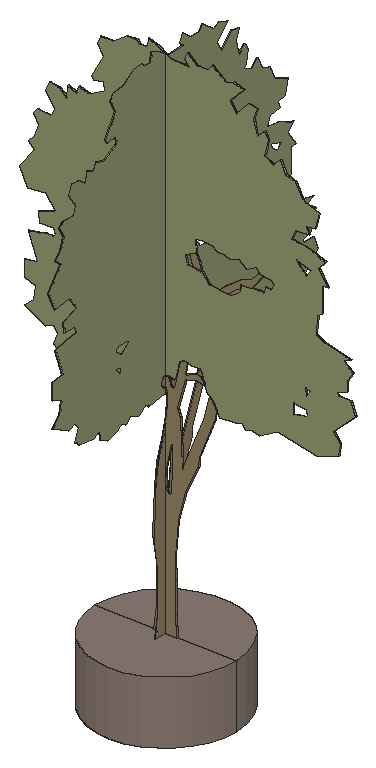
Revit family "L-PL낙엽교목_감나무", category 수목, Revit 2019
Family settings
  OmniClass 번호 = 23.40.05.00
  OmniClass 제목 = Plants and Planting Products
  작업 기준면 기반 = 아니오
  항상 수직 = 예
  로드될 때 보이드를 사용하여 절단 = 아니오
  렌더 모양 소스 = 패밀리 형상
  공유 = 아니오
Parameters (values of type "감나무")
  한국산업규격KS = ""
  콘 높이 = 뿌리분 직경 / 4  # 272.5 mm
  조달청표준공사코드-세부공종 = "10161599202809"
  뿌리분 직경 = (24 mm + ((R / 10) - 3 mm) * 5) * 10  # 1090 mm
  뿌리분 높이 = 뿌리분 직경 / 2  # 545 mm
  높이 = 5000 mm
  건설정보분류체계-부위분류 = "E985"
  R = 200 mm
  LIM_INFO_주의사항 = "재배포, 재가공, 판매 금지"
  LIM_INFO_제작일 = "20211210"
  LIM_INFO_버전 = "2022_V01"
  LIM_INFO_PL_학명 = "Quercus myrsinaefolia Bl."
  LIM_INFO_PL_품명 = "가시나무"
  LIM_INFO_PL_주당인정수량 = 0
  LIM_INFO_PL_수목단위 = "주"
  LIM_INFO_PL_규격 = "5.0H X 18R"
  LIM_INFO_PL_구분 = "상록교목"
  LIM_INFO_PL_가격 = 0
  LIM_INFO_PL_Qty [instance] = 0
  LIM_INFO_PL_M2당수량 = 0
  KBIMS_식별-버전 = ""
  KBIMS_식별-bSK등록번호 = ""
  KBIMS_보급정보-저작자 = "림인포테크_MMJ"
  KBIMS_보급정보-보급코드 = ""
  H = 높이  # 5000 mm
Reference planes
  plane 1 "중심(앞/뒤)": y = 0
  plane 2: z = 0
  plane 3 "중심(왼쪽/오른쪽)": x = 0
  plane 4: x = 482.5
  plane 5: x = -607.5
  plane 6: z = -545
  plane 7: z = -817.5
  plane 8: z = 5000
  plane 9: x = -100
  plane 10: x = 100
Forms (mm)
  Revolve 1, solid, material "흙"
    sketch origin (0, 0, 0) x (1, 0, 0) y (0, 0, 1)
      loop
        line (0, 0) -> (-607.5, 0) -> (-607.5, -545) -> (0, -545) -> (0, 0)
      axis (0, 0) -> (0, -545)
    angle from 0 to 360
  Revolve 2, solid, material "흙"
    sketch origin (0, 0, 0) x (1, 0, 0) y (0, 0, 1)
      loop
        line (0, -545) -> (-607.5, -545) -> (0, -817.5) -> (0, -545)
      axis (0, -545) -> (0, -817.5)
    angle from 0 to 360
Dimensions and locks
  "뿌리분 직경": plane 4 to plane 5
  "뿌리분 높이": plane 6 to level
  "콘 높이": plane 7 to plane 6
  "H": level to plane 8
  "R": plane 9 to plane 10
  aligned and locked: level to plane 2
Automatic sketch dimensions
  Revolve 1 sketch curve to level = 0 mm  (x2)
  Revolve 1 sketch curve to plane 5 = 0 mm
  Revolve 1 sketch curve to plane 3 "중심(왼쪽/오른쪽)" = 0 mm  (x2)
  Revolve 1 sketch curve to plane 6 = 0 mm  (x2)
  Revolve 2 sketch curve to plane 5 = 0 mm
  Revolve 2 sketch curve to plane 3 "중심(왼쪽/오른쪽)" = 0 mm  (x2)
  Revolve 2 sketch curve to plane 7 = 0 mm  (x2)
  Revolve 2 sketch curve to plane 6 = 0 mm  (x2)
Nested families
  nested 1: "감나무_base" at (0, 0, 0), type "감나무_base"
Definition of nested family "감나무_base"
  Parameters (values of type "감나무_base")
    Height = 6000 mm
  Reference planes
    plane 1 "중심(앞/뒤)": y = 0
    plane 2: z = 0
    plane 3 "중심(왼쪽/오른쪽)": x = 0
  Forms (mm)
    Revolve 1, solid, detail levels coarse
      sketch origin (0, 0, 0) x (1, 0, 0) y (0, 0, 1)
        loop
          line (0, 0) -> (0, 4500) -> (-692.82, 4100) -> (-1271.659, 2081.35) -> (-75, 1855.372) -> (-75, 0) -> (0, 0)
        axis (0, 4500) -> (0, 0)
      angle from 0 to 360
    Extrusion 2, solid, detail levels fine
      sketch origin (0, 0, 0) x (1, 0, 0) y (0, 0, 1)
        loop
          line (848.253, 3966.304) -> (863.649, 3990.871) -> (885.418, 4100.021) -> (853.088, 4153.344) -> (789.722, 4099.201) -> (758.04, 4221.05) -> (789.722, 4302.298) -> (715.775, 4315.839) -> (610.166, 4207.509) -> (557.361, 4288.756) -> (673.531, 4410.628) -> (589.044, 4437.71) -> (525.679, 4410.628) -> (404.426, 4503.591) -> (369.761, 4454.5) -> (277.322, 4457.388) -> (193.548, 4526.693) -> (161.772, 4466.051) -> (202.214, 4425.624) -> (46.222, 4425.624) -> (-54.884, 4489.153) -> (-143.068, 4525.319) -> (-153.257, 4449.493) -> (-216.657, 4450.624) -> (-242.696, 4476.654) -> (-329.871, 4473.259) -> (-436.293, 4398.565) -> (-556.3, 4388.379) -> (-581.183, 4334.175) -> (-528.379, 4239.408) -> (-634.009, 4063.371) -> (-612.888, 4036.289) -> (-528.379, 4049.83) -> (-517.818, 3982.124) -> (-644.57, 3914.439) -> (-739.618, 3941.5) -> (-760.74, 3887.357) -> (-834.688, 3914.439) -> (-845.249, 3819.65) -> (-908.614, 3873.815) -> (-993.101, 3887.357) -> (-1024.784, 3806.109) -> (-950.857, 3697.779) -> (-971.979, 3630.094) -> (-1098.731, 3643.636) -> (-1130.414, 3603.012) -> (-1088.171, 3521.764) -> (-1119.853, 3426.976) -> (-1172.658, 3372.811) -> (-1119.853, 3318.646) -> (-1246.584, 3156.172) -> (-1183.218, 3007.218) -> (-1024.784, 3020.76) -> (-940.297, 2912.451) -> (-1088.171, 2858.286) -> (-1077.61, 2777.039) -> (-961.418, 2777.039) -> (-940.297, 2722.874) -> (-1045.905, 2709.333) -> (-1172.658, 2682.25) -> (-1098.731, 2465.612) -> (-1204.34, 2452.07) -> (-1204.34, 2316.658) -> (-1109.292, 2276.056) -> (-1130.414, 2167.726) -> (-1204.34, 2100.019) -> (-1024.784, 2005.231) -> (-961.418, 2032.313) -> (-919.175, 1978.17) -> (-961.418, 1883.381) -> (-908.614, 1842.757) -> (-760.74, 1829.216) -> (-697.375, 1869.84) -> (-686.814, 1788.592) -> (-612.888, 1747.969) -> (-517.818, 1775.051) -> (-465.014, 1815.675) -> (-422.77, 1788.592) -> (-369.944, 1829.216) -> (-274.896, 1788.592) -> (-200.97, 1842.757) -> (-169.288, 1815.675) -> (10.269, 1842.757) -> (7.378, 1867.4) -> (-39.963, 1915.85) -> (-32.645, 1975.527) -> (38.001, 1989.219) -> (76.208, 1970.482) -> (94.795, 2008.385) -> (121.796, 2129.379) -> (159.784, 2159.334) -> (223.553, 2129.634) -> (300.367, 2140.5) -> (323.555, 2107.903) -> (353.262, 1977.895) -> (419.74, 1920.447) -> (466.086, 1820.377) -> (600.333, 1826.403) -> (654.547, 1842.757) -> (686.23, 1802.134) -> (728.474, 1815.675) -> (812.961, 1802.134) -> (960.835, 1883.381) -> (1298.826, 1815.675) -> (1488.943, 1883.381) -> (1499.504, 1978.17) -> (1446.678, 2059.396) -> (1634.722, 2237.829) -> (1592.457, 2346.159) -> (1486.848, 2346.159) -> (1476.288, 2373.242) -> (1560.775, 2400.303) -> (1560.775, 2481.55) -> (1613.579, 2562.798) -> (1518.531, 2630.504) -> (1592.457, 2657.586) -> (1370.614, 2709.333) -> (1296.688, 2749.956) -> (1307.249, 2898.91) -> (1349.492, 2925.993) -> (1347.419, 3102.007) -> (1347.419, 3142.631) -> (1400.223, 3142.631) -> (1315.736, 3264.502) -> (1379.102, 3332.187) -> (1235.439, 3386.352) -> (1087.587, 3413.434) -> (1119.269, 3481.141) -> (1235.439, 3494.682) -> (1214.317, 3548.847) -> (1288.265, 3562.388) -> (1319.948, 3684.238) -> (1182.635, 3738.403) -> (1119.269, 3860.274) -> (1034.761, 3887.357) -> (992.517, 3982.124) -> (929.152, 3927.98) -> (848.253, 3966.304)
        loop
          line (650.146, 2839.907) -> (648.236, 2902.924) -> (802.97, 2914.382) -> (850.728, 2914.382) -> (860.28, 2958.303) -> (909.947, 2958.303) -> (934.781, 3002.224) -> (898.486, 3036.597) -> (833.535, 3040.416) -> (808.701, 3044.235) -> (780.047, 3088.156) -> (695.993, 3042.326) -> (665.428, 3069.06) -> (627.222, 3099.614) -> (554.631, 3072.879) -> (503.052, 3090.066) -> (451.474, 3090.066) -> (397.986, 3126.349) -> (312.022, 3128.258) -> (256.623, 3122.529) -> (268.085, 3023.23) -> (176.39, 2971.67) -> (189.762, 2893.376) -> (323.484, 2885.738) -> (378.883, 2809.353) -> (529.797, 2790.257) -> (571.823, 2790.257) -> (650.146, 2839.907)
        loop
          line (1245.841, 2294.825) -> (1203.597, 2308.367) -> (1214.158, 2254.223) -> (1245.841, 2294.825)
        loop
          line (1097.967, 2159.434) -> (1097.967, 2064.646) -> (1224.719, 2091.728) -> (1214.158, 2145.893) -> (1097.967, 2159.434)
        loop
          line (-385.663, 2397.53) -> (-385.663, 2424.59) -> (-491.293, 2424.59) -> (-533.536, 2397.53) -> (-459.61, 2343.343) -> (-385.663, 2397.53)
        loop
          line (-470.171, 2194.411) -> (-470.171, 2248.576) -> (-533.536, 2262.117) -> (-470.171, 2194.411)
        loop
          line (1253.473, 3227.383) -> (1126.721, 3268.007) -> (1158.425, 3213.842) -> (1211.23, 3173.218) -> (1253.473, 3227.383)
      from 0 to 5
    Extrusion 3, solid, detail levels fine
      sketch origin (0, 0, 0) x (1, 0, 0) y (0, 0, 1)
        loop
          line (652.617, 2945.426) -> (533.047, 2859.281) -> (465.629, 2802.329) -> (536.218, 2792.196) -> (603.589, 2848.741) -> (647.239, 2875.264) -> (646.285, 2905.073) -> (723.114, 2909.366) -> (749.087, 2915.475) -> (839.809, 3036.964) -> (806.228, 3041.728) -> (804.767, 3045.767) -> (741.313, 2972.47) -> (708.632, 2962.655) -> (652.617, 2945.426)
        loop
          line (228.112, 2930.988) -> (240.684, 2896.546) -> (309.739, 2893.453) -> (297.873, 2957.509) -> (279.488, 2980.211) -> (269.135, 3017.048) -> (212.658, 2986.604) -> (228.112, 2930.988)
        loop
          line (133.895, 1703.295) -> (107.779, 1767.689) -> (177.42, 2006.121) -> (264.471, 2040.929) -> (339.492, 2017.402) -> (330.753, 2058.297) -> (274.673, 2080.098) -> (171.818, 2051.659) -> (189.564, 2140.352) -> (160.638, 2152.848) -> (134.488, 2130.997) -> (83.735, 1903.564) -> (52.232, 1914.06) -> (26.036, 1981.027) -> (-26.867, 1970.734) -> (-34.765, 1934.576) -> (-28.198, 1917.338) -> (16.42, 1871.645) -> (22.912, 1782.36) -> (15.689, 1672.376) -> (-77.085, 1286.787) -> (-93.71, 1101.914) -> (-104.178, 725.23) -> (-74.879, 523.285) -> (-74.879, 182.887) -> (-100, 0) -> (100, 0) -> (91.794, 179.559) -> (91.794, 440.681) -> (85.786, 618.539) -> (113.47, 900.055) -> (178.531, 1149.769) -> (289.397, 1381.011) -> (291.529, 1447.08) -> (428.5, 1792.061) -> (439.529, 1862.409) -> (415.491, 1916.176) -> (380.365, 1946.398) -> (327.147, 1757.247) -> (146.082, 1316.931) -> (133.895, 1703.295)
        loop
          line (11.604, 1267.81) -> (3.679, 1131.15) -> (34.058, 1075.694) -> (51.886, 1092.757) -> (65.756, 1302.038) -> (65.756, 1459.824) -> (54.532, 1469.168) -> (11.604, 1267.81)
      from 0 to 5
    Extrusion 4, solid, detail levels fine
      sketch origin (-8.431, -6.569, 0) x (0, 1, 0) y (0, 0, 1)
        loop
          line (848.253, 3966.304) -> (863.649, 3990.871) -> (885.418, 4100.021) -> (853.088, 4153.344) -> (789.722, 4099.201) -> (758.04, 4221.05) -> (789.722, 4302.298) -> (715.775, 4315.839) -> (610.166, 4207.509) -> (557.361, 4288.756) -> (673.531, 4410.628) -> (589.044, 4437.71) -> (525.679, 4410.628) -> (404.426, 4503.591) -> (369.761, 4454.5) -> (277.322, 4457.388) -> (193.548, 4526.693) -> (161.772, 4466.051) -> (202.214, 4425.624) -> (46.222, 4425.624) -> (-54.884, 4489.153) -> (-143.068, 4525.319) -> (-153.257, 4449.493) -> (-216.657, 4450.624) -> (-242.696, 4476.654) -> (-329.871, 4473.259) -> (-436.293, 4398.565) -> (-556.3, 4388.379) -> (-581.183, 4334.175) -> (-528.379, 4239.408) -> (-634.009, 4063.371) -> (-612.888, 4036.289) -> (-528.379, 4049.83) -> (-517.818, 3982.124) -> (-644.57, 3914.439) -> (-739.618, 3941.5) -> (-760.74, 3887.357) -> (-834.688, 3914.439) -> (-845.249, 3819.65) -> (-908.614, 3873.815) -> (-993.101, 3887.357) -> (-1024.784, 3806.109) -> (-950.857, 3697.779) -> (-971.979, 3630.094) -> (-1098.731, 3643.636) -> (-1130.414, 3603.012) -> (-1088.171, 3521.764) -> (-1119.853, 3426.976) -> (-1172.658, 3372.811) -> (-1119.853, 3318.646) -> (-1246.584, 3156.172) -> (-1183.218, 3007.218) -> (-1024.784, 3020.76) -> (-940.297, 2912.451) -> (-1088.171, 2858.286) -> (-1077.61, 2777.039) -> (-961.418, 2777.039) -> (-940.297, 2722.874) -> (-1045.905, 2709.333) -> (-1172.658, 2682.25) -> (-1098.731, 2465.612) -> (-1204.34, 2452.07) -> (-1204.34, 2316.658) -> (-1109.292, 2276.056) -> (-1130.414, 2167.726) -> (-1204.34, 2100.019) -> (-1024.784, 2005.231) -> (-961.418, 2032.313) -> (-919.175, 1978.17) -> (-961.418, 1883.381) -> (-908.614, 1842.757) -> (-760.74, 1829.216) -> (-697.375, 1869.84) -> (-686.814, 1788.592) -> (-612.888, 1747.969) -> (-517.818, 1775.051) -> (-465.014, 1815.675) -> (-422.77, 1788.592) -> (-369.944, 1829.216) -> (-274.896, 1788.592) -> (-200.97, 1842.757) -> (-169.288, 1815.675) -> (10.269, 1842.757) -> (7.378, 1867.4) -> (-39.963, 1915.85) -> (-32.645, 1975.527) -> (38.001, 1989.219) -> (76.208, 1970.482) -> (94.795, 2008.385) -> (121.796, 2129.379) -> (159.784, 2159.334) -> (223.553, 2129.634) -> (300.367, 2140.5) -> (323.555, 2107.903) -> (353.262, 1977.895) -> (419.74, 1920.447) -> (466.086, 1820.377) -> (600.333, 1826.403) -> (654.547, 1842.757) -> (686.23, 1802.134) -> (728.474, 1815.675) -> (812.961, 1802.134) -> (960.835, 1883.381) -> (1298.826, 1815.675) -> (1488.943, 1883.381) -> (1499.504, 1978.17) -> (1446.678, 2059.396) -> (1634.722, 2237.829) -> (1592.457, 2346.159) -> (1486.848, 2346.159) -> (1476.288, 2373.242) -> (1560.775, 2400.303) -> (1560.775, 2481.55) -> (1613.579, 2562.798) -> (1518.531, 2630.504) -> (1592.457, 2657.586) -> (1370.614, 2709.333) -> (1296.688, 2749.956) -> (1307.249, 2898.91) -> (1349.492, 2925.993) -> (1347.419, 3102.007) -> (1347.419, 3142.631) -> (1400.223, 3142.631) -> (1315.736, 3264.502) -> (1379.102, 3332.187) -> (1235.439, 3386.352) -> (1087.587, 3413.434) -> (1119.269, 3481.141) -> (1235.439, 3494.682) -> (1214.317, 3548.847) -> (1288.265, 3562.388) -> (1319.948, 3684.238) -> (1182.635, 3738.403) -> (1119.269, 3860.274) -> (1034.761, 3887.357) -> (992.517, 3982.124) -> (929.152, 3927.98) -> (848.253, 3966.304)
        loop
          line (650.146, 2839.907) -> (648.236, 2902.924) -> (802.97, 2914.382) -> (850.728, 2914.382) -> (860.28, 2958.303) -> (909.947, 2958.303) -> (934.781, 3002.224) -> (898.486, 3036.597) -> (833.535, 3040.416) -> (808.701, 3044.235) -> (780.047, 3088.156) -> (695.993, 3042.326) -> (665.428, 3069.06) -> (627.222, 3099.614) -> (554.631, 3072.879) -> (503.052, 3090.066) -> (451.474, 3090.066) -> (397.986, 3126.349) -> (312.022, 3128.258) -> (256.623, 3122.529) -> (268.085, 3023.23) -> (176.39, 2971.67) -> (189.762, 2893.376) -> (323.484, 2885.738) -> (378.883, 2809.353) -> (529.797, 2790.257) -> (571.823, 2790.257) -> (650.146, 2839.907)
        loop
          line (1245.841, 2294.825) -> (1203.597, 2308.367) -> (1214.158, 2254.223) -> (1245.841, 2294.825)
        loop
          line (1097.967, 2159.434) -> (1097.967, 2064.646) -> (1224.719, 2091.728) -> (1214.158, 2145.893) -> (1097.967, 2159.434)
        loop
          line (-385.663, 2397.53) -> (-385.663, 2424.59) -> (-491.293, 2424.59) -> (-533.536, 2397.53) -> (-459.61, 2343.343) -> (-385.663, 2397.53)
        loop
          line (-470.171, 2194.411) -> (-470.171, 2248.576) -> (-533.536, 2262.117) -> (-470.171, 2194.411)
        loop
          line (1253.473, 3227.383) -> (1126.721, 3268.007) -> (1158.425, 3213.842) -> (1211.23, 3173.218) -> (1253.473, 3227.383)
      from 0 to 5
    Extrusion 5, solid, detail levels fine
      sketch origin (-8.431, -6.569, 0) x (0, 1, 0) y (0, 0, 1)
        loop
          line (652.617, 2945.426) -> (533.047, 2859.281) -> (465.629, 2802.329) -> (536.218, 2792.196) -> (603.589, 2848.741) -> (647.239, 2875.264) -> (646.285, 2905.073) -> (723.114, 2909.366) -> (749.087, 2915.475) -> (839.809, 3036.964) -> (806.228, 3041.728) -> (804.767, 3045.767) -> (741.313, 2972.47) -> (708.632, 2962.655) -> (652.617, 2945.426)
        loop
          line (228.112, 2930.988) -> (240.684, 2896.546) -> (309.739, 2893.453) -> (297.873, 2957.509) -> (279.488, 2980.211) -> (269.135, 3017.048) -> (212.658, 2986.604) -> (228.112, 2930.988)
        loop
          line (133.895, 1703.295) -> (107.779, 1767.689) -> (177.42, 2006.121) -> (264.471, 2040.929) -> (339.492, 2017.402) -> (330.753, 2058.297) -> (274.673, 2080.098) -> (171.818, 2051.659) -> (189.564, 2140.352) -> (160.638, 2152.848) -> (134.488, 2130.997) -> (83.735, 1903.564) -> (52.232, 1914.06) -> (26.036, 1981.027) -> (-26.867, 1970.734) -> (-34.765, 1934.576) -> (-28.198, 1917.338) -> (16.42, 1871.645) -> (22.912, 1782.36) -> (15.689, 1672.376) -> (-77.085, 1286.787) -> (-93.71, 1101.914) -> (-104.178, 725.23) -> (-74.879, 523.285) -> (-74.879, 182.887) -> (-100, 0) -> (100, 0) -> (91.794, 179.559) -> (91.794, 440.681) -> (85.786, 618.539) -> (113.47, 900.055) -> (178.531, 1149.769) -> (289.397, 1381.011) -> (291.529, 1447.08) -> (428.5, 1792.061) -> (439.529, 1862.409) -> (415.491, 1916.176) -> (380.365, 1946.398) -> (327.147, 1757.247) -> (146.082, 1316.931) -> (133.895, 1703.295)
        loop
          line (11.604, 1267.81) -> (3.679, 1131.15) -> (34.058, 1075.694) -> (51.886, 1092.757) -> (65.756, 1302.038) -> (65.756, 1459.824) -> (54.532, 1469.168) -> (11.604, 1267.81)
      from 0 to 5
  Lines and regions (mm)
    symbolic lines
      curve 1: arc (1497.063, 108.297, 0) -> (1351.222, 103.808, 0) -> (1254.1, -5.081, 0) r 184.793
      curve 2: arc (1255.493, -9.817, 0) -> (1403.123, -5.664, 0) -> (1497.063, 108.297, 0) r 178.447
      curve 3: arc (-709.246, -369.122, 0) -> (-850.77, -411.343, 0) -> (-912.014, -545.735, 0) r 178.447
      curve 4: arc (-912.014, -545.735, 0) -> (-772.305, -503.653, 0) -> (-706.674, -373.337, 0) r 184.793
      curve 5: arc (-757.318, -765.391, 0) -> (-894.624, -819.786, 0) -> (-943.922, -959.004, 0) r 178.447
      curve 6: arc (-943.922, -959.004, 0) -> (-808.412, -904.906, 0) -> (-754.389, -769.366, 0) r 184.793
      curve 7: arc (-817.733, 620.395, 0) -> (-859.954, 761.92, 0) -> (-994.346, 823.163, 0) r 178.447
      curve 8: arc (-994.346, 823.163, 0) -> (-952.263, 683.454, 0) -> (-821.948, 617.823, 0) r 184.793
      curve 9: arc (-699.813, 388.329, 0) -> (-829.741, 458.547, 0) -> (-968.075, 406.823, 0) r 178.447
      curve 10: arc (-968.075, 406.823, 0) -> (-839.53, 337.791, 0) -> (-700.975, 383.53, 0) r 184.793
      curve 11: arc (-836.09, 542.607, 0) -> (-913.502, 668.381, 0) -> (-1059.165, 692.755, 0) r 178.447
      curve 12: arc (-734.112, 323.331, 0) -> (-877.787, 357.528, 0) -> (-998.021, 271.763, 0) r 178.447
      curve 13: arc (-998.021, 271.763, 0) -> (-855.988, 238.353, 0) -> (-733.992, 318.395, 0) r 184.793
      curve 14: arc (-680.365, 223.354, 0) -> (-826.473, 244.899, 0) -> (-938.775, 148.982, 0) r 178.447
      curve 15: arc (-938.775, 148.982, 0) -> (-794.371, 128.078, 0) -> (-679.816, 218.447, 0) r 184.793
      curve 16: arc (-1123.197, -544.171, 0) -> (-904.436, -537.437, 0) -> (-758.753, -374.104, 0) r 277.189
      curve 17: arc (-760.842, -366.998, 0) -> (-982.287, -373.229, 0) -> (-1123.197, -544.171, 0) r 267.671
      curve 18: spline (-1212.772, -206.678, 0) -> (-1187.193, -214.152, 0) -> (-1158.172, -216.052, 0) -> (-1126.238, -212.343, 0) -> (-1091.975, -203.093, 0) -> (-1056.008, -188.471, 0) -> (-1018.996, -168.744, 0) -> (-981.614, -144.272, 0) -> (-944.546, -115.503, 0) -> (-908.469, -82.963, 0) -> (-874.041, -47.245, 0) -> (-841.893, -9.003, 0) -> (-812.611, 31.064, 0)
      curve 19: spline (-810.972, 38.58, 0) -> (-836.377, 46.993, 0) -> (-865.522, 49.471, 0) -> (-897.816, 45.962, 0) -> (-932.608, 36.539, 0) -> (-969.195, 21.391, 0) -> (-1006.839, 0.824, 0) -> (-1044.78, -24.746, 0) -> (-1082.252, -54.803, 0) -> (-1118.497, -88.741, 0) -> (-1152.785, -125.875, 0) -> (-1184.423, -165.453, 0) -> (-1212.772, -206.678, 0)
      curve 20: spline (-1031.638, -280.833, 0) -> (-1000.158, -300.254, 0) -> (-967.682, -316.279, 0) -> (-934.801, -328.616, 0) -> (-902.118, -337.041, 0) -> (-870.229, -341.398, 0) -> (-839.717, -341.609, 0) -> (-811.14, -337.669, 0) -> (-785.019, -329.65, 0) -> (-761.832, -317.7, 0) -> (-742.003, -302.035, 0) -> (-725.894, -282.944, 0) -> (-713.799, -260.774, 0)
      curve 21: spline (-715.718, -254.718, 0) -> (-747.472, -234.525, 0) -> (-780.367, -217.912, 0) -> (-813.737, -205.214, 0) -> (-846.91, -196.687, 0) -> (-879.215, -192.504, 0) -> (-910.001, -192.749, 0) -> (-938.645, -197.417, 0) -> (-964.569, -206.414, 0) -> (-987.251, -219.558, 0) -> (-1006.231, -236.583, 0) -> (-1021.127, -257.147, 0) -> (-1031.638, -280.833, 0)
      curve 22: spline (-1057.999, 1183.487, 0) -> (-1057.759, 1146.282, 0) -> (-1053.282, 1109.771, 0) -> (-1044.65, 1074.619, 0) -> (-1032.02, 1041.471, 0) -> (-1015.624, 1010.931, 0) -> (-995.762, 983.557, 0) -> (-972.795, 959.849, 0) -> (-947.145, 940.242, 0) -> (-919.278, 925.092, 0) -> (-889.706, 914.678, 0) -> (-858.967, 909.188, 0) -> (-827.625, 908.724, 0)
      curve 23: spline (-822.501, 913.266, 0) -> (-822.108, 951.077, 0) -> (-826.24, 988.236, 0) -> (-834.815, 1023.994, 0) -> (-847.659, 1057.628, 0) -> (-864.512, 1088.459, 0) -> (-885.035, 1115.865, 0) -> (-908.813, 1139.292, 0) -> (-935.366, 1158.267, 0) -> (-964.158, 1172.408, 0) -> (-994.608, 1181.428, 0) -> (-1026.1, 1185.146, 0) -> (-1057.999, 1183.487, 0)
      curve 24: arc (-893.092, 817.481, 0) -> (-777.881, 631.395, 0) -> (-563.588, 586.896, 0) r 277.189
      curve 25: arc (-558.48, 592.259, 0) -> (-674.597, 780.921, 0) -> (-893.092, 817.481, 0) r 267.671
      curve 26: arc (-886.615, 597.876, 0) -> (-693.796, 494.327, 0) -> (-485.964, 562.936, 0) r 277.189
      curve 27: arc (-484.221, 570.134, 0) -> (-679.113, 675.461, 0) -> (-886.615, 597.876, 0) r 267.671
      curve 28: arc (-873.596, -155.119, 0) -> (-656.255, -129.345, 0) -> (-525.361, 46.064, 0) r 277.189
      curve 29: arc (-528.062, 52.96, 0) -> (-748.122, 27.454, 0) -> (-873.596, -155.119, 0) r 267.671
      curve 30: arc (-929.657, -804.44, 0) -> (-1074.322, -834.166, 0) -> (-1147.046, -962.709, 0) r 178.447
      curve 31: arc (-868.536, -570.817, 0) -> (-1015.242, -587.821, 0) -> (-1098.892, -709.536, 0) r 178.447
      curve 32: arc (-1098.892, -709.536, 0) -> (-953.998, -692.353, 0) -> (-866.735, -575.414, 0) r 184.793
      curve 33: arc (-1147.046, -962.709, 0) -> (-1004.2, -932.963, 0) -> (-927.462, -808.863, 0) r 184.793
      curve 34: arc (-1155.949, 620.123, 0) -> (-1068.621, 503.232, 0) -> (-923.717, 486.131, 0) r 184.793
      curve 35: arc (-1162.711, 454.807, 0) -> (-1048.106, 364.502, 0) -> (-903.713, 385.486, 0) r 184.793
      curve 36: arc (-1267.482, 628.865, 0) -> (-1170.299, 520.031, 0) -> (-1024.456, 515.623, 0) r 184.793
      curve 37: arc (-955.326, -168.548, 0) -> (-1102.756, -159.819, 0) -> (-1206.271, -265.159, 0) r 178.447
      curve 38: arc (-1206.271, -265.159, 0) -> (-1060.594, -273.398, 0) -> (-954.351, -173.388, 0) r 184.793
      curve 39: arc (-931.183, -293.097, 0) -> (-1078.813, -297.25, 0) -> (-1172.753, -411.212, 0) r 178.447
      curve 40: arc (-1172.753, -411.212, 0) -> (-1026.913, -406.723, 0) -> (-929.79, -297.834, 0) r 184.793
      curve 41: arc (-1162.235, 85.785, 0) -> (-1292.163, 156.003, 0) -> (-1430.497, 104.279, 0) r 178.447
      curve 42: arc (-1430.497, 104.279, 0) -> (-1301.952, 35.246, 0) -> (-1163.397, 80.986, 0) r 184.793
      curve 43: arc (-1030.486, -62.951, 0) -> (-1174.161, -28.753, 0) -> (-1294.395, -114.518, 0) r 178.447
      curve 44: arc (-1294.395, -114.518, 0) -> (-1152.362, -147.929, 0) -> (-1030.366, -67.887, 0) r 184.793
      curve 45: arc (-1002.96, 646.348, 0) -> (-1069.115, 778.391, 0) -> (-1212.1, 815.367, 0) r 178.447
      curve 46: arc (-1212.1, 815.367, 0) -> (-1146.396, 685.088, 0) -> (-1006.664, 643.083, 0) r 184.793
      curve 47: arc (-1021.723, 519.735, 0) -> (-1119.799, 630.156, 0) -> (-1267.482, 628.865, 0) r 178.447
      curve 48: arc (-1116.756, -299.047, 0) -> (-1264.386, -303.201, 0) -> (-1358.325, -417.162, 0) r 178.447
      curve 49: arc (-1358.325, -417.162, 0) -> (-1212.485, -412.673, 0) -> (-1115.363, -303.784, 0) r 184.793
      curve 50: arc (-1158.685, -219.459, 0) -> (-1302.36, -185.261, 0) -> (-1422.594, -271.026, 0) r 178.447
      curve 51: arc (-1422.594, -271.026, 0) -> (-1280.561, -304.437, 0) -> (-1158.565, -224.395, 0) r 184.793
      curve 52: arc (-920.636, 489.989, 0) -> (-1008.716, 608.538, 0) -> (-1155.949, 620.123, 0) r 178.447
      curve 53: arc (-901.735, 390.01, 0) -> (-1017.496, 481.723, 0) -> (-1162.711, 454.807, 0) r 178.447
      curve 54: arc (-1059.165, 692.755, 0) -> (-982.358, 568.698, 0) -> (-839.496, 539.032, 0) r 184.793
      curve 55: spline (-1112.564, -917.687, 0) -> (-1075.36, -917.446, 0) -> (-1038.848, -912.969, 0) -> (-1003.697, -904.337, 0) -> (-970.548, -891.707, 0) -> (-940.008, -875.312, 0) -> (-912.634, -855.449, 0) -> (-888.927, -832.482, 0) -> (-869.319, -806.832, 0) -> (-854.17, -778.966, 0) -> (-843.755, -749.393, 0) -> (-838.266, -718.655, 0) -> (-837.802, -687.312, 0)
      curve 56: spline (-842.343, -682.188, 0) -> (-880.154, -681.795, 0) -> (-917.314, -685.927, 0) -> (-953.071, -694.502, 0) -> (-986.705, -707.346, 0) -> (-1017.536, -724.199, 0) -> (-1044.942, -744.722, 0) -> (-1068.369, -768.5, 0) -> (-1087.345, -795.053, 0) -> (-1101.486, -823.845, 0) -> (-1110.506, -854.295, 0) -> (-1114.224, -885.787, 0) -> (-1112.564, -917.687, 0)
      curve 57: spline (-1462.738, -718.583, 0) -> (-1426.739, -727.98, 0) -> (-1390.313, -733.105, 0) -> (-1354.125, -733.865, 0) -> (-1318.837, -730.246, 0) -> (-1285.094, -722.313, 0) -> (-1253.512, -710.212, 0) -> (-1224.668, -694.164, 0) -> (-1199.09, -674.462, 0) -> (-1177.244, -651.466, 0) -> (-1159.531, -625.597, 0) -> (-1146.273, -597.327, 0) -> (-1137.712, -567.172, 0)
      curve 58: spline (-1140.773, -561.047, 0) -> (-1177.194, -550.881, 0) -> (-1214.157, -545.256, 0) -> (-1250.915, -544.283, 0) -> (-1286.727, -547.984, 0) -> (-1320.87, -556.284, 0) -> (-1352.654, -569.014, 0) -> (-1381.437, -585.919, 0) -> (-1406.638, -606.656, 0) -> (-1427.749, -630.807, 0) -> (-1444.343, -657.884, 0) -> (-1456.085, -687.341, 0) -> (-1462.738, -718.583, 0)
      curve 59: arc (-1324.892, 359.003, 0) -> (-1152.983, 223.544, 0) -> (-936.395, 255.022, 0) r 277.189
      curve 60: arc (-933.428, 261.808, 0) -> (-1107.07, 399.377, 0) -> (-1324.892, 359.003, 0) r 267.671
      curve 61: spline (-1375.508, -5.866, 0) -> (-1352.736, -19.706, 0) -> (-1325.195, -29.052, 0) -> (-1293.39, -33.735, 0) -> (-1257.9, -33.668, 0) -> (-1219.374, -28.853, 0) -> (-1178.518, -19.377, 0) -> (-1136.076, -5.415, 0) -> (-1092.825, 12.78, 0) -> (-1049.554, 34.874, 0) -> (-1007.056, 60.464, 0) -> (-966.105, 89.083, 0) -> (-927.451, 120.206, 0)
      curve 62: spline (-923.922, 127.041, 0) -> (-946.285, 141.743, 0) -> (-973.794, 151.68, 0) -> (-1005.896, 156.649, 0) -> (-1041.942, 156.552, 0) -> (-1081.203, 151.39, 0) -> (-1122.888, 141.267, 0) -> (-1166.154, 126.387, 0) -> (-1210.128, 107.052, 0) -> (-1253.922, 83.652, 0) -> (-1296.652, 56.658, 0) -> (-1337.456, 26.617, 0) -> (-1375.508, -5.866, 0)
      curve 63: arc (-1258.315, 158.859, 0) -> (-1057.205, 72.509, 0) -> (-856.143, 158.971, 0) r 277.189
      curve 64: arc (-855.034, 166.294, 0) -> (-1058.364, 254.234, 0) -> (-1258.315, 158.859, 0) r 267.671
      curve 65: spline (-1525.538, 381.862, 0) -> (-1517.011, 345.87, 0) -> (-1505.378, 311.574, 0) -> (-1490.852, 279.6, 0) -> (-1473.698, 250.533, 0) -> (-1454.23, 224.903, 0) -> (-1432.804, 203.179, 0) -> (-1409.811, 185.757, 0) -> (-1385.671, 172.957, 0) -> (-1360.825, 165.012, 0) -> (-1335.727, 162.067, 0) -> (-1310.837, 164.176, 0) -> (-1286.608, 171.3, 0)
      curve 66: spline (-1283.682, 176.939, 0) -> (-1291.858, 213.671, 0) -> (-1303.37, 248.678, 0) -> (-1317.988, 281.254, 0) -> (-1335.415, 310.74, 0) -> (-1355.301, 336.541, 0) -> (-1377.242, 358.136, 0) -> (-1400.798, 375.09, 0) -> (-1425.491, 387.06, 0) -> (-1450.823, 393.804, 0) -> (-1476.283, 395.186, 0) -> (-1501.357, 391.178, 0) -> (-1525.538, 381.862, 0)
      curve 67: arc (81.481, 197.869, 0) -> (173.194, 313.63, 0) -> (146.278, 458.845, 0) r 178.447
      curve 68: arc (146.278, 458.845, 0) -> (55.972, 344.239, 0) -> (76.957, 199.847, 0) r 184.793
      curve 69: arc (312.779, -221.006, 0) -> (235.972, -96.949, 0) -> (93.11, -67.283, 0) r 184.793
      curve 70: arc (89.704, -70.858, 0) -> (167.116, -196.633, 0) -> (312.779, -221.006, 0) r 178.447
      curve 71: arc (245.486, 134.053, 0) -> (391.595, 112.507, 0) -> (503.896, 208.425, 0) r 178.447
      curve 72: arc (503.896, 208.425, 0) -> (359.492, 229.329, 0) -> (244.937, 138.96, 0) r 184.793
      curve 73: arc (-572.45, -518.48, 0) -> (-448.393, -441.672, 0) -> (-418.727, -298.811, 0) r 184.793
      curve 74: arc (-261.11, -473.256, 0) -> (-362.563, -580.583, 0) -> (-348.406, -727.591, 0) r 178.447
      curve 75: arc (-239.239, -266.831, 0) -> (-349.66, -364.908, 0) -> (-348.369, -512.59, 0) r 178.447
      curve 76: arc (-347.036, -446.627, 0) -> (-472.81, -524.039, 0) -> (-497.184, -669.702, 0) r 178.447
      curve 77: arc (-497.184, -669.702, 0) -> (-373.127, -592.895, 0) -> (-343.461, -450.033, 0) r 184.793
      curve 78: arc (-422.302, -295.405, 0) -> (-548.076, -372.817, 0) -> (-572.45, -518.48, 0) r 178.447
      curve 79: arc (-115.129, -473.025, 0) -> (-185.347, -602.953, 0) -> (-133.623, -741.288, 0) r 178.447
      curve 80: arc (-348.406, -727.591, 0) -> (-248.455, -621.292, 0) -> (-256.775, -475.62, 0) r 184.793
      curve 81: arc (-133.623, -741.288, 0) -> (-64.591, -612.742, 0) -> (-110.33, -474.187, 0) r 184.793
      curve 82: arc (-221.393, -592.164, 0) -> (-121.443, -485.866, 0) -> (-129.763, -340.194, 0) r 184.793
      curve 83: arc (-348.369, -512.59, 0) -> (-239.534, -415.407, 0) -> (-235.127, -269.565, 0) r 184.793
      curve 84: arc (-134.098, -337.829, 0) -> (-235.551, -445.156, 0) -> (-221.393, -592.164, 0) r 178.447
      curve 85: arc (-618.451, -1189.959, 0) -> (-494.395, -1113.151, 0) -> (-464.729, -970.289, 0) r 184.793
      curve 86: arc (-468.304, -966.884, 0) -> (-594.078, -1044.296, 0) -> (-618.451, -1189.959, 0) r 178.447
      curve 87: arc (-516.713, -1357.708, 0) -> (-416.762, -1251.409, 0) -> (-425.083, -1105.737, 0) r 184.793
      curve 88: arc (-429.417, -1103.373, 0) -> (-530.871, -1210.7, 0) -> (-516.713, -1357.708, 0) r 178.447
      curve 89: arc (-576.854, -621.164, 0) -> (-714.16, -675.56, 0) -> (-763.457, -814.778, 0) r 178.447
      curve 90: arc (-763.457, -814.778, 0) -> (-627.948, -760.679, 0) -> (-573.925, -625.139, 0) r 184.793
      curve 91: arc (63.152, -1323.755, 0) -> (132.184, -1195.209, 0) -> (86.445, -1056.654, 0) r 184.793
      curve 92: arc (5.64, -1422.954, 0) -> (39.05, -1280.921, 0) -> (-40.992, -1158.926, 0) r 184.793
      curve 93: arc (-45.928, -1159.045, 0) -> (-80.125, -1302.72, 0) -> (5.64, -1422.954, 0) r 178.447
      curve 94: arc (81.646, -1055.492, 0) -> (11.428, -1185.42, 0) -> (63.152, -1323.755, 0) r 178.447
      curve 95: arc (-197.46, -1128.814, 0) -> (-164.05, -986.781, 0) -> (-244.092, -864.786, 0) r 184.793
      curve 96: arc (-249.028, -864.906, 0) -> (-283.225, -1008.58, 0) -> (-197.46, -1128.814, 0) r 178.447
      curve 97: arc (-152.15, -1447.21, 0) -> (-83.118, -1318.664, 0) -> (-128.857, -1180.109, 0) r 184.793
      curve 98: arc (-133.656, -1178.947, 0) -> (-203.874, -1308.875, 0) -> (-152.15, -1447.21, 0) r 178.447
      curve 99: arc (620.038, -1042.807, 0) -> (577.956, -903.098, 0) -> (447.64, -837.468, 0) r 184.793
      curve 100: arc (443.425, -840.039, 0) -> (485.647, -981.564, 0) -> (620.038, -1042.807, 0) r 178.447
      curve 101: arc (549.293, -1320.418, 0) -> (544.804, -1174.577, 0) -> (435.915, -1077.455, 0) r 184.793
      curve 102: arc (431.178, -1078.848, 0) -> (435.331, -1226.478, 0) -> (549.293, -1320.418, 0) r 178.447
      curve 103: arc (-704.627, 72.807, 0) -> (-564.918, 114.889, 0) -> (-499.287, 245.205, 0) r 184.793
      curve 104: arc (-501.859, 249.42, 0) -> (-643.384, 207.198, 0) -> (-704.627, 72.807, 0) r 178.447
      curve 105: arc (-565.386, -233.297, 0) -> (-706.91, -275.519, 0) -> (-768.153, -409.91, 0) r 178.447
      curve 106: arc (-768.153, -409.91, 0) -> (-628.444, -367.828, 0) -> (-562.814, -237.512, 0) r 184.793
      curve 107: line (135.309, 881.923, 0) -> (124.252, 834.523, 0)
      curve 108: arc (-218.63, -439.479, 0) -> (-94.573, -362.671, 0) -> (-64.907, -219.809, 0) r 184.793
      curve 109: arc (-38.239, -145.962, 0) -> (-84.828, -286.11, 0) -> (-9.869, -413.361, 0) r 178.447
      curve 110: arc (-9.869, -413.361, 0) -> (35.794, -274.781, 0) -> (-33.311, -146.273, 0) r 184.793
      curve 111: arc (-457.757, -63.325, 0) -> (-329.211, -132.357, 0) -> (-190.656, -86.618, 0) r 184.793
      curve 112: arc (-462.323, 215.225, 0) -> (-385.516, 91.168, 0) -> (-242.654, 61.502, 0) r 184.793
      curve 113: arc (-129.443, 210.695, 0) -> (-133.597, 358.325, 0) -> (-247.558, 452.265, 0) r 178.447
      curve 114: arc (-40.988, 115.894, 0) -> (-45.142, 263.524, 0) -> (-159.103, 357.463, 0) r 178.447
      curve 115: arc (-159.103, 357.463, 0) -> (-154.614, 211.623, 0) -> (-45.725, 114.501, 0) r 184.793
      curve 116: arc (-239.248, 65.077, 0) -> (-316.66, 190.851, 0) -> (-462.323, 215.225, 0) r 178.447
      curve 117: arc (-68.482, -216.404, 0) -> (-194.256, -293.816, 0) -> (-218.63, -439.479, 0) r 178.447
      curve 118: arc (-189.494, -81.819, 0) -> (-319.422, -11.601, 0) -> (-457.757, -63.325, 0) r 178.447
      curve 119: arc (-247.558, 452.265, 0) -> (-243.069, 306.425, 0) -> (-134.18, 209.302, 0) r 184.793
      curve 120: arc (1121.114, -448.015, 0) -> (961.665, -298.09, 0) -> (743.157, -310.57, 0) r 277.189
      curve 121: arc (739.611, -317.072, 0) -> (900.601, -469.252, 0) -> (1121.114, -448.015, 0) r 267.671
      curve 122: arc (1062.139, -577.073, 0) -> (955.84, -477.122, 0) -> (810.168, -485.443, 0) r 184.793
      curve 123: arc (807.804, -489.777, 0) -> (915.131, -591.23, 0) -> (1062.139, -577.073, 0) r 178.447
      curve 124: spline (554.033, -804.85, 0) -> (573.453, -773.371, 0) -> (589.479, -740.894, 0) -> (601.816, -708.014, 0) -> (610.241, -675.331, 0) -> (614.598, -643.442, 0) -> (614.808, -612.93, 0) -> (610.868, -584.352, 0) -> (602.85, -558.231, 0) -> (590.899, -535.044, 0) -> (575.235, -515.215, 0) -> (556.144, -499.106, 0) -> (533.973, -487.012, 0)
      curve 125: spline (527.917, -488.93, 0) -> (507.725, -520.685, 0) -> (491.112, -553.579, 0) -> (478.414, -586.95, 0) -> (469.887, -620.122, 0) -> (465.704, -652.428, 0) -> (465.949, -683.213, 0) -> (470.617, -711.857, 0) -> (479.614, -737.782, 0) -> (492.757, -760.463, 0) -> (509.783, -779.443, 0) -> (530.347, -794.339, 0) -> (554.033, -804.85, 0)
      curve 126: spline (-651.386, -448.911, 0) -> (-625.498, -442.595, 0) -> (-599.414, -429.73, 0) -> (-573.613, -410.551, 0) -> (-548.565, -385.408, 0) -> (-524.729, -354.762, 0) -> (-502.539, -319.172, 0) -> (-482.401, -279.288, 0) -> (-464.683, -235.839, 0) -> (-449.71, -189.619, 0) -> (-437.753, -141.473, 0) -> (-429.033, -92.281, 0) -> (-423.708, -42.941, 0)
      curve 127: spline (-426.046, -35.612, 0) -> (-452.255, -41.029, 0) -> (-478.733, -53.455, 0) -> (-504.946, -72.641, 0) -> (-530.365, -98.197, 0) -> (-554.477, -129.61, 0) -> (-576.795, -166.243, 0) -> (-596.867, -207.358, 0) -> (-614.29, -252.124, 0) -> (-628.71, -299.638, 0) -> (-639.838, -348.94, 0) -> (-647.448, -399.035, 0) -> (-651.386, -448.911, 0)
      curve 128: arc (428.319, -646.808, 0) -> (402.545, -429.467, 0) -> (227.136, -298.574, 0) r 277.189
      curve 129: arc (220.239, -301.275, 0) -> (245.746, -521.334, 0) -> (428.319, -646.808, 0) r 267.671
      curve 130: arc (683.11, -541.366, 0) -> (641.028, -401.657, 0) -> (510.712, -336.026, 0) r 184.793
      curve 131: arc (506.497, -338.598, 0) -> (548.718, -480.123, 0) -> (683.11, -541.366, 0) r 178.447
      curve 132: arc (200.393, -477.839, 0) -> (158.311, -338.13, 0) -> (27.995, -272.5, 0) r 184.793
      curve 133: arc (23.78, -275.071, 0) -> (66.001, -416.596, 0) -> (200.393, -477.839, 0) r 178.447
      curve 134: arc (124.218, -711.987, 0) -> (145.122, -567.583, 0) -> (54.753, -453.028, 0) r 184.793
      curve 135: arc (49.846, -453.578, 0) -> (28.3, -599.686, 0) -> (124.218, -711.987, 0) r 178.447
      curve 136: arc (-127.901, -1242.294, 0) -> (-24.352, -1049.475, 0) -> (-92.961, -841.643, 0) r 277.189
      curve 137: arc (-100.159, -839.9, 0) -> (-205.486, -1034.792, 0) -> (-127.901, -1242.294, 0) r 267.671
      curve 138: spline (-209.1, -1014.559, 0) -> (-177, -995.749, 0) -> (-147.619, -973.616, 0) -> (-121.493, -948.564, 0) -> (-99.1, -921.053, 0) -> (-80.849, -891.583, 0) -> (-67.074, -860.695, 0) -> (-58.026, -828.952, 0) -> (-53.871, -796.934, 0) -> (-54.684, -765.226, 0) -> (-60.451, -734.408, 0) -> (-71.066, -705.043, 0) -> (-86.336, -677.668, 0)
      curve 139: spline (-92.831, -675.501, 0) -> (-125.773, -694.066, 0) -> (-155.887, -716.225, 0) -> (-182.567, -741.529, 0) -> (-205.273, -769.469, 0) -> (-223.547, -799.48, 0) -> (-237.019, -830.957, 0) -> (-245.419, -863.263, 0) -> (-248.576, -895.746, 0) -> (-246.426, -927.751, 0) -> (-239.013, -958.631, 0) -> (-226.487, -987.764, 0) -> (-209.1, -1014.559, 0)
      curve 140: spline (-396.089, -1333.1, 0) -> (-376.827, -1314.686, 0) -> (-360.671, -1290.503, 0) -> (-347.916, -1260.993, 0) -> (-338.795, -1226.695, 0) -> (-333.475, -1188.236, 0) -> (-332.053, -1146.319, 0) -> (-334.555, -1101.709, 0) -> (-340.936, -1055.223, 0) -> (-351.078, -1007.709, 0) -> (-364.797, -960.035, 0) -> (-381.841, -913.073, 0) -> (-401.9, -867.68, 0)
      curve 141: spline (-407.589, -862.502, 0) -> (-427.577, -880.298, 0) -> (-444.295, -904.299, 0) -> (-457.404, -934.02, 0) -> (-466.639, -968.863, 0) -> (-471.814, -1008.122, 0) -> (-472.825, -1051.007, 0) -> (-469.651, -1096.649, 0) -> (-462.356, -1144.13, 0) -> (-451.088, -1192.488, 0) -> (-436.073, -1240.749, 0) -> (-417.616, -1287.937, 0) -> (-396.089, -1333.1, 0)
      curve 142: spline (-809.436, -1377.666, 0) -> (-772.464, -1378.745, 0) -> (-736.325, -1376.385, 0) -> (-701.681, -1370.629, 0) -> (-669.165, -1361.584, 0) -> (-639.369, -1349.413, 0) -> (-612.84, -1334.339, 0) -> (-590.061, -1316.638, 0) -> (-571.449, -1296.633, 0) -> (-557.344, -1274.691, 0) -> (-548.003, -1251.21, 0) -> (-543.598, -1226.622, 0) -> (-544.209, -1201.375, 0)
      curve 143: spline (-548.899, -1197.09, 0) -> (-586.495, -1195.479, 0) -> (-623.289, -1197.539, 0) -> (-658.538, -1203.228, 0) -> (-691.53, -1212.43, 0) -> (-721.598, -1224.96, 0) -> (-748.137, -1240.565, 0) -> (-770.61, -1258.929, 0) -> (-788.562, -1279.683, 0) -> (-801.633, -1302.407, 0) -> (-809.558, -1326.641, 0) -> (-812.176, -1351.898, 0) -> (-809.436, -1377.666, 0)
      curve 144: arc (-735.425, -1189.774, 0) -> (-560.089, -1058.782, 0) -> (-534.436, -841.427, 0) r 277.189
      curve 145: arc (-540.223, -836.805, 0) -> (-718.047, -968.924, 0) -> (-735.425, -1189.774, 0) r 267.671
      curve 146: arc (-743.177, -1023.886, 0) -> (-557.092, -908.674, 0) -> (-512.593, -694.382, 0) r 277.189
      curve 147: arc (-517.956, -689.273, 0) -> (-706.618, -805.391, 0) -> (-743.177, -1023.886, 0) r 267.671
      curve 148: arc (625.094, -1229.275, 0) -> (599.32, -1011.934, 0) -> (423.911, -881.041, 0) r 277.189
      curve 149: arc (417.014, -883.742, 0) -> (442.521, -1103.801, 0) -> (625.094, -1229.275, 0) r 267.671
      curve 150: spline (918.886, -1007.065, 0) -> (912.57, -981.177, 0) -> (899.705, -955.094, 0) -> (880.526, -929.292, 0) -> (855.383, -904.245, 0) -> (824.737, -880.408, 0) -> (789.147, -858.218, 0) -> (749.263, -838.08, 0) -> (705.814, -820.363, 0) -> (659.594, -805.389, 0) -> (611.448, -793.433, 0) -> (562.256, -784.712, 0) -> (512.915, -779.388, 0)
      curve 151: spline (505.586, -781.725, 0) -> (511.003, -807.934, 0) -> (523.43, -834.412, 0) -> (542.615, -860.626, 0) -> (568.172, -886.045, 0) -> (599.584, -910.157, 0) -> (636.218, -932.474, 0) -> (677.333, -952.547, 0) -> (722.099, -969.969, 0) -> (769.613, -984.39, 0) -> (818.915, -995.517, 0) -> (869.01, -1003.127, 0) -> (918.886, -1007.065, 0)
      curve 152: arc (320.993, -1294.454, 0) -> (341.897, -1150.05, 0) -> (251.528, -1035.495, 0) r 184.793
      curve 153: arc (246.621, -1036.044, 0) -> (225.075, -1182.153, 0) -> (320.993, -1294.454, 0) r 178.447
      curve 154: arc (397.168, -1060.306, 0) -> (355.086, -920.597, 0) -> (224.77, -854.967, 0) r 184.793
      curve 155: arc (220.555, -857.538, 0) -> (262.776, -999.063, 0) -> (397.168, -1060.306, 0) r 178.447
      curve 156: arc (25.864, -889.75, 0) -> (71.526, -751.17, 0) -> (2.422, -622.663, 0) r 184.793
      curve 157: arc (-2.506, -622.352, 0) -> (-49.095, -762.499, 0) -> (25.864, -889.75, 0) r 178.447
      curve 158: spline (280.981, -1343.565, 0) -> (288.455, -1317.987, 0) -> (290.355, -1288.966, 0) -> (286.646, -1257.032, 0) -> (277.396, -1222.768, 0) -> (262.774, -1186.802, 0) -> (243.047, -1149.79, 0) -> (218.575, -1112.408, 0) -> (189.806, -1075.34, 0) -> (157.266, -1039.262, 0) -> (121.548, -1004.835, 0) -> (83.306, -972.687, 0) -> (43.239, -943.405, 0)
      curve 159: spline (35.723, -941.765, 0) -> (27.31, -967.171, 0) -> (24.833, -996.315, 0) -> (28.341, -1028.609, 0) -> (37.764, -1063.401, 0) -> (52.912, -1099.989, 0) -> (73.479, -1137.633, 0) -> (99.049, -1175.574, 0) -> (129.107, -1213.045, 0) -> (163.045, -1249.291, 0) -> (200.178, -1283.579, 0) -> (239.756, -1315.216, 0) -> (280.981, -1343.565, 0)
      curve 160: spline (269.766, -1601.823, 0) -> (288.16, -1569.482, 0) -> (302.539, -1535.624, 0) -> (312.638, -1500.866, 0) -> (318.275, -1465.844, 0) -> (319.346, -1431.197, 0) -> (315.832, -1397.559, 0) -> (307.796, -1365.545, 0) -> (295.386, -1335.739, 0) -> (278.828, -1308.686, 0) -> (258.424, -1284.88, 0) -> (234.549, -1264.757, 0) -> (207.637, -1248.684, 0)
      curve 161: spline (200.929, -1250.055, 0) -> (181.683, -1282.604, 0) -> (166.682, -1316.851, 0) -> (156.229, -1352.105, 0) -> (150.535, -1387.655, 0) -> (149.715, -1422.782, 0) -> (153.786, -1456.778, 0) -> (162.665, -1488.955, 0) -> (176.173, -1518.665, 0) -> (194.037, -1545.307, 0) -> (215.897, -1568.344, 0) -> (241.311, -1587.31, 0) -> (269.766, -1601.823, 0)
      curve 162: spline (-54.705, -1588.834, 0) -> (-22.146, -1571.282, 0) -> (7.97, -1551.169, 0) -> (35.095, -1528.863, 0) -> (58.732, -1504.77, 0) -> (78.45, -1479.332, 0) -> (93.889, -1453.013, 0) -> (104.765, -1426.294, 0) -> (110.882, -1399.664, 0) -> (112.125, -1373.608, 0) -> (108.474, -1348.604, 0) -> (99.995, -1325.107, 0) -> (86.842, -1303.548, 0)
      curve 163: spline (80.639, -1302.181, 0) -> (47.274, -1319.585, 0) -> (16.44, -1339.766, 0) -> (-11.243, -1362.317, 0) -> (-35.213, -1386.782, 0) -> (-54.989, -1412.668, 0) -> (-70.169, -1439.451, 0) -> (-80.449, -1466.592, 0) -> (-85.62, -1493.541, 0) -> (-85.577, -1519.756, 0) -> (-80.323, -1544.706, 0) -> (-69.962, -1567.888, 0) -> (-54.705, -1588.834, 0)
      curve 164: arc (1139.677, -852.863, 0) -> (1062.869, -728.806, 0) -> (920.008, -699.14, 0) r 184.793
      curve 165: arc (916.602, -702.715, 0) -> (994.014, -828.49, 0) -> (1139.677, -852.863, 0) r 178.447
      curve 166: arc (943.231, -616.789, 0) -> (1050.558, -718.243, 0) -> (1197.566, -704.085, 0) r 178.447
      curve 167: arc (904.169, -865.207, 0) -> (850.071, -729.697, 0) -> (714.531, -675.674, 0) r 184.793
      curve 168: arc (710.556, -678.603, 0) -> (764.951, -815.91, 0) -> (904.169, -865.207, 0) r 178.447
      curve 169: arc (982.565, -704.048, 0) -> (885.382, -595.214, 0) -> (739.539, -590.806, 0) r 184.793
      curve 170: arc (736.806, -594.918, 0) -> (834.882, -705.34, 0) -> (982.565, -704.048, 0) r 178.447
      curve 171: arc (879.885, -1123.833, 0) -> (837.803, -984.124, 0) -> (707.487, -918.493, 0) r 184.793
      curve 172: arc (703.272, -921.065, 0) -> (745.493, -1062.59, 0) -> (879.885, -1123.833, 0) r 178.447
      curve 173: spline (750.808, -1387.317, 0) -> (770.228, -1355.838, 0) -> (786.254, -1323.361, 0) -> (798.591, -1290.481, 0) -> (807.016, -1257.797, 0) -> (811.373, -1225.908, 0) -> (811.583, -1195.396, 0) -> (807.643, -1166.819, 0) -> (799.625, -1140.698, 0) -> (787.674, -1117.511, 0) -> (772.01, -1097.682, 0) -> (752.919, -1081.573, 0) -> (730.748, -1069.479, 0)
      curve 174: spline (724.692, -1071.397, 0) -> (704.5, -1103.152, 0) -> (687.887, -1136.046, 0) -> (675.189, -1169.417, 0) -> (666.662, -1202.589, 0) -> (662.479, -1234.895, 0) -> (662.724, -1265.68, 0) -> (667.392, -1294.324, 0) -> (676.389, -1320.249, 0) -> (689.532, -1342.93, 0) -> (706.558, -1361.91, 0) -> (727.122, -1376.806, 0) -> (750.808, -1387.317, 0)
      curve 175: spline (-346.991, 1283.694, 0) -> (-354.465, 1258.116, 0) -> (-356.365, 1229.094, 0) -> (-352.656, 1197.16, 0) -> (-343.406, 1162.897, 0) -> (-328.784, 1126.931, 0) -> (-309.057, 1089.919, 0) -> (-284.585, 1052.537, 0) -> (-255.816, 1015.469, 0) -> (-223.276, 979.391, 0) -> (-187.558, 944.964, 0) -> (-149.316, 912.815, 0) -> (-109.249, 883.534, 0)
      curve 176: spline (-101.733, 881.894, 0) -> (-93.32, 907.3, 0) -> (-90.842, 936.444, 0) -> (-94.351, 968.738, 0) -> (-103.774, 1003.53, 0) -> (-118.922, 1040.118, 0) -> (-139.489, 1077.762, 0) -> (-165.059, 1115.703, 0) -> (-195.116, 1153.174, 0) -> (-229.054, 1189.42, 0) -> (-266.187, 1223.707, 0) -> (-305.766, 1255.345, 0) -> (-346.991, 1283.694, 0)
      curve 177: arc (-254.831, 1365.317, 0) -> (-288.242, 1223.284, 0) -> (-208.2, 1101.289, 0) r 184.793
      curve 178: arc (-203.264, 1101.408, 0) -> (-169.066, 1245.083, 0) -> (-254.831, 1365.317, 0) r 178.447
      curve 179: spline (-11.305, 1528.963, 0) -> (-43.863, 1511.411, 0) -> (-73.98, 1491.298, 0) -> (-101.105, 1468.991, 0) -> (-124.742, 1444.899, 0) -> (-144.46, 1419.461, 0) -> (-159.898, 1393.142, 0) -> (-170.775, 1366.423, 0) -> (-176.891, 1339.793, 0) -> (-178.135, 1313.737, 0) -> (-174.484, 1288.732, 0) -> (-166.005, 1265.236, 0) -> (-152.852, 1243.676, 0)
      curve 180: spline (-146.648, 1242.31, 0) -> (-113.284, 1259.714, 0) -> (-82.449, 1279.895, 0) -> (-54.767, 1302.446, 0) -> (-30.797, 1326.911, 0) -> (-11.021, 1352.796, 0) -> (4.159, 1379.58, 0) -> (14.439, 1406.72, 0) -> (19.61, 1433.67, 0) -> (19.568, 1459.884, 0) -> (14.313, 1484.835, 0) -> (3.952, 1508.017, 0) -> (-11.305, 1528.963, 0)
      curve 181: arc (-615.303, 1260.546, 0) -> (-610.814, 1114.706, 0) -> (-501.925, 1017.584, 0) r 184.793
      curve 182: arc (-497.188, 1018.977, 0) -> (-501.341, 1166.607, 0) -> (-615.303, 1260.546, 0) r 178.447
      curve 183: arc (-405.175, 1153.482, 0) -> (-426.079, 1009.078, 0) -> (-335.71, 894.523, 0) r 184.793
      curve 184: arc (-330.803, 895.072, 0) -> (-309.257, 1041.181, 0) -> (-405.175, 1153.482, 0) r 178.447
      curve 185: arc (-739.825, 1160.645, 0) -> (-697.743, 1020.936, 0) -> (-567.427, 955.306, 0) r 184.793
      curve 186: arc (-563.212, 957.877, 0) -> (-605.433, 1099.402, 0) -> (-739.825, 1160.645, 0) r 178.447
      curve 187: arc (-801.65, 900.656, 0) -> (-738.527, 691.092, 0) -> (-543.053, 592.647, 0) r 277.189
      curve 188: arc (-536.731, 596.504, 0) -> (-600.063, 808.791, 0) -> (-801.65, 900.656, 0) r 267.671
      curve 189: arc (-553.647, 1053.113, 0) -> (-523.901, 910.268, 0) -> (-399.802, 833.53, 0) r 184.793
      curve 190: arc (-395.378, 835.724, 0) -> (-425.104, 980.39, 0) -> (-553.647, 1053.113, 0) r 178.447
      curve 191: arc (-686.048, 982.936, 0) -> (-643.966, 843.227, 0) -> (-513.65, 777.596, 0) r 184.793
      curve 192: arc (-509.435, 780.168, 0) -> (-551.656, 921.693, 0) -> (-686.048, 982.936, 0) r 178.447
      curve 193: arc (18.546, 1329.237, 0) -> (-67.804, 1128.127, 0) -> (18.658, 927.065, 0) r 277.189
      curve 194: arc (25.981, 925.957, 0) -> (113.921, 1129.287, 0) -> (18.546, 1329.237, 0) r 267.671
      curve 195: arc (488.552, 1338.404, 0) -> (379.718, 1241.221, 0) -> (375.31, 1095.378, 0) r 184.793
      curve 196: arc (379.422, 1092.645, 0) -> (489.844, 1190.721, 0) -> (488.552, 1338.404, 0) r 178.447
      curve 197: spline (884.013, 1284.831, 0) -> (848.138, 1274.97, 0) -> (814.03, 1261.195, 0) -> (782.311, 1243.759, 0) -> (753.56, 1222.981, 0) -> (728.304, 1199.239, 0) -> (707.004, 1172.968, 0) -> (690.048, 1144.649, 0) -> (677.748, 1114.797, 0) -> (670.327, 1083.959, 0) -> (667.921, 1052.699, 0) -> (670.574, 1021.587, 0) -> (678.238, 991.192, 0)
      curve 198: spline (683.951, 987.419, 0) -> (720.575, 996.825, 0) -> (755.399, 1010.434, 0) -> (787.719, 1027.972, 0) -> (816.883, 1049.083, 0) -> (842.301, 1073.342, 0) -> (863.462, 1100.258, 0) -> (879.936, 1129.29, 0) -> (891.393, 1159.849, 0) -> (897.6, 1191.32, 0) -> (898.432, 1223.067, 0) -> (893.872, 1254.448, 0) -> (884.013, 1284.831, 0)
      curve 199: arc (707.394, -282.74, 0) -> (653.296, -147.23, 0) -> (517.756, -93.207, 0) r 184.793
      curve 200: arc (513.781, -96.136, 0) -> (568.176, -233.443, 0) -> (707.394, -282.74, 0) r 178.447
      curve 201: arc (677.168, 964.015, 0) -> (491.082, 848.803, 0) -> (446.583, 634.511, 0) r 277.189
      curve 202: arc (451.946, 629.402, 0) -> (640.608, 745.52, 0) -> (677.168, 964.015, 0) r 267.671
      curve 203: arc (573.436, 1095.073, 0) -> (456.546, 1007.745, 0) -> (439.444, 862.842, 0) r 184.793
      curve 204: arc (443.302, 859.76, 0) -> (561.851, 947.84, 0) -> (573.436, 1095.073, 0) r 178.447
      curve 205: spline (722.111, -424.598, 0) -> (715.795, -398.71, 0) -> (702.93, -372.627, 0) -> (683.751, -346.826, 0) -> (658.608, -321.778, 0) -> (627.962, -297.941, 0) -> (592.372, -275.751, 0) -> (552.488, -255.613, 0) -> (509.039, -237.896, 0) -> (462.819, -222.922, 0) -> (414.673, -210.966, 0) -> (365.481, -202.246, 0) -> (316.14, -196.921, 0)
      curve 206: spline (308.812, -199.258, 0) -> (314.228, -225.467, 0) -> (326.655, -251.945, 0) -> (345.84, -278.159, 0) -> (371.397, -303.578, 0) -> (402.809, -327.69, 0) -> (439.443, -350.007, 0) -> (480.558, -370.08, 0) -> (525.324, -387.502, 0) -> (572.838, -401.923, 0) -> (622.14, -413.05, 0) -> (672.235, -420.66, 0) -> (722.111, -424.598, 0)
      curve 207: arc (314.494, 1233.634, 0) -> (224.189, 1119.028, 0) -> (245.173, 974.636, 0) r 184.793
      curve 208: arc (249.698, 972.658, 0) -> (341.411, 1088.419, 0) -> (314.494, 1233.634, 0) r 178.447
      curve 209: arc (131.451, 1068.943, 0) -> (98.04, 926.91, 0) -> (178.082, 804.915, 0) r 184.793
      curve 210: arc (183.018, 805.034, 0) -> (217.216, 948.709, 0) -> (131.451, 1068.943, 0) r 178.447
      curve 211: arc (785.79, -121.582, 0) -> (688.607, -12.747, 0) -> (542.764, -8.339, 0) r 184.793
      curve 212: arc (540.031, -12.451, 0) -> (638.107, -122.873, 0) -> (785.79, -121.582, 0) r 178.447
      curve 213: arc (942.902, -270.396, 0) -> (866.094, -146.339, 0) -> (723.233, -116.673, 0) r 184.793
      curve 214: arc (719.827, -120.248, 0) -> (797.239, -246.023, 0) -> (942.902, -270.396, 0) r 178.447
      curve 215: arc (1000.791, -121.618, 0) -> (894.492, -21.668, 0) -> (748.82, -29.988, 0) r 184.793
      curve 216: arc (746.456, -34.322, 0) -> (853.783, -135.776, 0) -> (1000.791, -121.618, 0) r 178.447
      curve 217: arc (1081.225, 106.264, 0) -> (935.271, 101.723, 0) -> (838.183, -7.35, 0) r 184.793
      curve 218: arc (839.655, -11.85, 0) -> (987.285, -7.697, 0) -> (1081.225, 106.264, 0) r 178.447
      curve 219: arc (865.364, 5.394, 0) -> (759.065, 105.345, 0) -> (613.393, 97.024, 0) r 184.793
      curve 220: arc (611.029, 92.69, 0) -> (718.356, -8.764, 0) -> (865.364, 5.394, 0) r 178.447
      curve 221: arc (1073.025, 877.163, 0) -> (933.316, 835.081, 0) -> (867.686, 704.765, 0) r 184.793
      curve 222: arc (870.257, 700.55, 0) -> (1011.782, 742.772, 0) -> (1073.025, 877.163, 0) r 178.447
      curve 223: spline (1164.828, 623.985, 0) -> (1138.187, 624.584, 0) -> (1109.663, 618.908, 0) -> (1079.777, 607.061, 0) -> (1049.075, 589.258, 0) -> (1018.119, 565.825, 0) -> (987.474, 537.191, 0) -> (957.7, 503.878, 0) -> (929.34, 466.495, 0) -> (902.914, 425.726, 0) -> (878.904, 382.315, 0) -> (857.749, 337.056, 0) -> (839.835, 290.775, 0)
      curve 224: spline (840.197, 283.091, 0) -> (866.914, 281.54, 0) -> (895.707, 286.69, 0) -> (925.992, 298.437, 0) -> (957.16, 316.544, 0) -> (988.58, 340.645, 0) -> (1019.619, 370.254, 0) -> (1049.649, 404.773, 0) -> (1078.064, 443.505, 0) -> (1104.291, 485.667, 0) -> (1127.799, 530.409, 0) -> (1148.115, 576.828, 0) -> (1164.828, 623.985, 0)
      curve 225: arc (944.299, 971.586, 0) -> (820.242, 894.779, 0) -> (790.577, 751.917, 0) r 184.793
      curve 226: arc (794.151, 748.511, 0) -> (919.926, 825.923, 0) -> (944.299, 971.586, 0) r 178.447
      curve 227: arc (786.564, 873.647, 0) -> (662.507, 796.839, 0) -> (632.841, 653.978, 0) r 184.793
      curve 228: arc (636.416, 650.572, 0) -> (762.191, 727.984, 0) -> (786.564, 873.647, 0) r 178.447
      curve 229: arc (1024.084, 268.569, 0) -> (909.478, 358.874, 0) -> (765.086, 337.89, 0) r 184.793
      curve 230: arc (763.108, 333.366, 0) -> (878.869, 241.653, 0) -> (1024.084, 268.569, 0) r 178.447
      curve 231: arc (888.618, 763.921, 0) -> (758.339, 698.218, 0) -> (716.334, 558.485, 0) r 184.793
      curve 232: arc (719.599, 554.781, 0) -> (851.642, 620.936, 0) -> (888.618, 763.921, 0) r 178.447
      curve 233: arc (1023.994, 646.485, 0) -> (879.1, 629.303, 0) -> (791.838, 512.363, 0) r 184.793
      curve 234: arc (793.639, 507.766, 0) -> (940.345, 524.77, 0) -> (1023.994, 646.485, 0) r 178.447
      curve 235: arc (1152.679, -404.128, 0) -> (1143.95, -551.558, 0) -> (1249.29, -655.073, 0) r 178.447
      curve 236: arc (1249.29, -655.073, 0) -> (1257.529, -509.396, 0) -> (1157.519, -403.153, 0) r 184.793
      curve 237: arc (994.911, -197.261, 0) -> (1102.238, -298.714, 0) -> (1249.246, -284.556, 0) r 178.447
      curve 238: arc (1249.246, -284.556, 0) -> (1142.947, -184.606, 0) -> (997.276, -192.926, 0) r 184.793
      curve 239: spline (1287.759, 17.688, 0) -> (1268.948, 49.788, 0) -> (1246.815, 79.169, 0) -> (1221.764, 105.295, 0) -> (1194.252, 127.688, 0) -> (1164.783, 145.938, 0) -> (1133.895, 159.714, 0) -> (1102.151, 168.762, 0) -> (1070.133, 172.917, 0) -> (1038.426, 172.104, 0) -> (1007.608, 166.337, 0) -> (978.243, 155.721, 0) -> (950.867, 140.452, 0)
      curve 240: spline (948.701, 133.957, 0) -> (967.266, 101.015, 0) -> (989.424, 70.9, 0) -> (1014.729, 44.221, 0) -> (1042.669, 21.515, 0) -> (1072.68, 3.241, 0) -> (1104.156, -10.232, 0) -> (1136.462, -18.631, 0) -> (1168.946, -21.788, 0) -> (1200.951, -19.638, 0) -> (1231.831, -12.225, 0) -> (1260.963, 0.301, 0) -> (1287.759, 17.688, 0)
      curve 241: arc (1287.679, -27.917, 0) -> (1153.605, 29.649, 0) -> (1019.564, -27.992, 0) r 184.793
      curve 242: arc (1018.825, -32.874, 0) -> (1154.378, -91.501, 0) -> (1287.679, -27.917, 0) r 178.447
      curve 243: arc (1433.929, -168.928, 0) -> (1311.889, -88.954, 0) -> (1169.874, -122.444, 0) r 184.793
      curve 244: arc (1168.299, -127.123, 0) -> (1291.612, -208.398, 0) -> (1433.929, -168.928, 0) r 178.447
